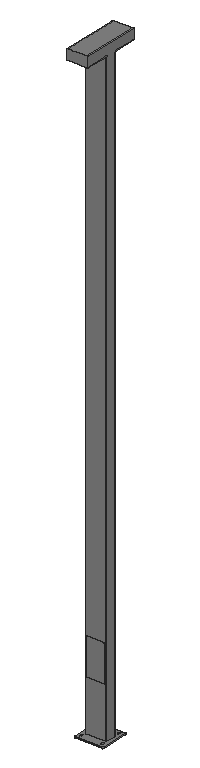
Revit family "Супремус В", category Осветительные приборы, Revit 2019 (continued)
Types (7, lengths in mm): name | Файл фотометрической сетки | built-in parameter 1150105 | Lumens | built-in parameter 1150106 | built-in parameter 1150142 | Wattage | L_общая рассеиватели | ADSK_Фактическая мощность | ADSK_Размер_Высота | ADSK_Номинальная мощность | ADSK_Наименование | ADSK_Масса_Текст | ADSK_Масса | ADSK_Артикул | 2
    1.6 117.0 113.6 110.0 106.0 101.4 96.8 92.0 86.9 81.8 77.0 72.2 67.6 63.3 59.3 55.5 51.9 48.6 45.5 43.0 41.0 39.3 37.7\r\n 36.2 34.8 33.4 32.1 30.8 29.5 28.3 27.2 26.1 24.9 23.6 22.5 21.3 20.1 19.0 18.0 16.9 15.9 15.0 14.0 12.8 11.7 10.9 10.2 9.6 9.0\r\n 8.4 7.8 7.2 6.6 6.2 6.0 5.8 5.3 4.7 4.2 3.7 3.2 2.9 2.7 2.5 2.3 2.1 1.9 1.8 1.7 1.5 1.3 1.2 1.0 1.0 0.0 0.0 0.0 0.0 0.0 0.0 0.0\r\n 0.0 0.0 0.0 0.0 0.0 0.0 0.0 0.0 0.0 0.0 0.0 0.0 0.0 0.0 0.0 0.0 0.0 0.0 0.0 0.0 0.0 0.0 0.0 0.0 0.0 0.0 0.0 0.0 0.0 0.0 0.0 0.0\r\n 0.0 0.0 0.0 0.0 0.0 0.0 0.0 0.0 0.0 0.0 0.0 0.0 0.0 0.0 0.0 0.0 0.0 0.0 0.0 0.0 0.0 0.0 0.0 0.0 0.0 0.0 0.0 0.0 0.0 0.0 0.0 0.0\r\n 0.0 0.0 0.0 0.0 0.0 0.0 0.0 0.0 0.0 0.0 0.0 0.0 0.0 0.0 0.0 0.0 0.0 0.0 0.0 0.0 0.0 0.0 0.0 0.0 0.0 0.0 0.0 0.0 0.0 0.0 0.0 0.0\r\n 0.0 0.0 0.0 0.0 0.0 0.0 0.0 0.0 0.0 0.0 0.0 0.0 0.0 0.0 0.0 0.0 0.0 0.0 0.0 0.0 0.0 0.0 0.0 0.0 0.0 0.0 0.0 0.0 0.0 0.0 0.0 0.0\r\n 0.0 0.0 0.0 0.0 0.0 0.0 0.0 0.0 0.0 0.0 0.0 0.0 0.0 0.0 0.0 0.0 0.0 0.0 0.0 0.0 0.0 0.0 0.0 0.0 0.0\r\n275.6 277.4 279.5 281.4 283.3 285.3 287.6 289.9 292.3 294.7 297.0 299.3 301.4 303.4 305.3 307.0 308.7 310.4 311.9 313.4 314.6\r\n 316.1 317.5 318.7 320.3 321.7 323.3 324.5 325.8 326.8 328.0 328.8 329.9 330.8 331.6 332.5 333.2 333.9 334.5 335.1 335.7 336.6\r\n 337.3 337.8 338.6 339.6 340.5 341.6 342.9 344.1 345.7 347.1 348.4 349.7 350.9 352.2 353.3 354.7 355.7 356.9 358.1 359.5 360.9\r\n 362.4 363.5 364.9 366.1 367.4 368.8 369.7 370.4 371.1 372.1 373.0 374.4 375.3 375.2 375.3 375.4 374.5 373.0 371.0 369.5 368.2\r\n 366.9 365.5 363.6 361.8 360.1 358.5 357.1 355.2 353.4 351.1 349.3 347.1 345.0 342.9 340.8 338.6 336.1 333.2 330.1 326.7 323.2\r\n 318.9 314.3 309.6 304.4 298.8 293.2 287.5 281.8 276.2 271.0 265.7 261.0 256.7 251.9 247.4 242.6 237.2 232.0 226.6 220.7 214.4\r\n 208.2 201.6 195.0 187.8 180.7 173.7 166.6 159.8 152.9 145.8 138.0 129.5 120.7 111.2 101.8 92.6 83.6 75.3 68.1 61.9 55.7 51.0 46.8\r\n 43.5 40.5 37.8 35.7 33.8 32.1 30.5 29.0 27.6 26.2 24.9 23.6 22.4 21.2 20.1 19.1 18.2 17.3 16.5 15.9 15.2 14.2 13.3 12.5 11.8 11.0\r\n 10.1 9.3 8.4 7.7 7.0 6.5 6.2 5.9 5.4 4.7 4.3 3.8 3.3 2.8 2.5 2.3 2.0 1.8 1.7 1.5 1.4 1.3 1.1 0.9 0.9 0.8 0.0 0.0 0.0 0.0 0.0 0.0\r\n 0.0 0.0 0.0 0.0 0.0 0.0 0.0 0.0 0.0 0.0 0.0 0.0 0.0 0.0 0.0 0.0 0.0 0.0 0.0 0.0 0.0 0.0 0.0 0.0 0.0 0.0 0.0 0.0 0.0 0.0 0.0 0.0\r\n 0.0 0.0 0.0 0.0 0.0 0.0 0.0 0.0 0.0 0.0 0.0 0.0 0.0 0.0 0.0 0.0 0.0 0.0 0.0 0.0 0.0 0.0 0.0 0.0 0.0 0.0 0.0 0.0 0.0 0.0 0.0 0.0\r\n 0.0 0.0 0.0 0.0 0.0 0.0 0.0 0.0 0.0 0.0 0.0 0.0 0.0 0.0 0.0 0.0 0.0 0.0 0.0 0.0 0.0 0.0 0.0 0.0 0.0 0.0 0.0 0.0 0.0 0.0 0.0 0.0\r\n 0.0 0.0 0.0 0.0 0.0 0.0 0.0 0.0 0.0 0.0 0.0 0.0 0.0 0.0 0.0 0.0 0.0 0.0 0.0 0.0 0.0 0.0 0.0 0.0 0.0 0.0 0.0 0.0 0.0 0.0 0.0 0.0\r\n 0.0 0.0 0.0 0.0 0.0 0.0 0.0 0.0 0.0 0.0 0.0 0.0 0.0 0.0 0.0 0.0 0.0 0.0 0.0 0.0 0.0 0.0 0.0 0.0 0.0 0.0\r\n275.6 277.4 279.0 280.8 282.6 284.4 286.4 288.3 290.5 292.5 294.6 296.7 298.6 300.6 302.3 303.9 305.5 307.0 308.3 309.7 311.1\r\n 312.4 313.5 314.5 315.6 316.8 318.1 319.4 320.8 321.9 323.2 324.2 325.3 326.3 327.1 327.8 328.4 329.2 330.2 330.9 331.8 332.5\r\n 333.0 333.7 334.3 335.3 336.0 336.9 337.8 339.0 340.2 341.6 343.0 344.5 346.0 347.8 349.5 351.3 353.2 355.0 356.8 358.6 360.5\r\n 362.8 365.0 367.0 369.7 372.1 374.4 376.7 379.0 380.6 382.2 383.8 385.2 387.1 388.5 389.2 390.5 391.4 391.3 390.9 389.9 389.9\r\n 389.9 389.8 389.8 389.8 389.8 390.2 390.2 391.2 392.0 392.7 393.0 392.8 392.5 392.4 392.1 391.7 391.3 391.1 390.2 389.3 387.9\r\n 386.2 384.4 382.2 379.1 375.7 372.2 368.6 364.6 360.5 356.3 352.3 348.5 344.7 340.8 336.9 333.0 328.6 324.0 319.0 313.7 307.3\r\n 300.7 293.7 285.8 277.7 269.5 261.0 251.8 242.1 231.0 219.4 207.8 195.8 183.3 170.4 157.8 145.2 133.3 121.5 109.6 98.5 87.6 77.8\r\n 68.4 60.2 53.3 47.3 42.4 38.8 35.8 33.2 30.7 28.7 27.1 25.8 24.6 23.6 22.9 22.0 21.4 20.9 20.3 19.5 18.6 17.9 16.9 15.7 14.5 13.3\r\n 12.1 11.0 9.8 8.8 7.9 7.1 6.5 5.9 5.4 5.2 4.6 4.2 3.6 3.2 2.7 2.3 1.9 1.7 1.5 1.4 1.3 1.1 1.0 0.9 0.8 0.7 0.6 0.0 0.0 0.0 0.0 0.0\r\n 0.0 0.0 0.0 0.0 0.0 0.0 0.0 0.0 0.0 0.0 0.0 0.0 0.0 0.0 0.0 0.0 0.0 0.0 0.0 0.0 0.0 0.0 0.0 0.0 0.0 0.0 0.0 0.0 0.0 0.0 0.0 0.0\r\n 0.0 0.0 0.0 0.0 0.0 0.0 0.0 0.0 0.0 0.0 0.0 0.0 0.0 0.0 0.0 0.0 0.0 0.0 0.0 0.0 0.0 0.0 0.0 0.0 0.0 0.0 0.0 0.0 0.0 0.0 0.0 0.0\r\n 0.0 0.0 0.0 0.0 0.0 0.0 0.0 0.0 0.0 0.0 0.0 0.0 0.0 0.0 0.0 0.0 0.0 0.0 0.0 0.0 0.0 0.0 0.0 0.0 0.0 0.0 0.0 0.0 0.0 0.0 0.0 0.0\r\n 0.0 0.0 0.0 0.0 0.0 0.0 0.0 0.0 0.0 0.0 0.0 0.0 0.0 0.0 0.0 0.0 0.0 0.0 0.0 0.0 0.0 0.0 0.0 0.0 0.0 0.0 0.0 0.0 0.0 0.0 0.0 0.0\r\n 0.0 0.0 0.0 0.0 0.0 0.0 0.0 0.0 0.0 0.0 0.0 0.0 0.0 0.0 0.0 0.0 0.0 0.0 0.0 0.0 0.0 0.0 0.0 0.0 0.0 0.0 0.0\r\n275.6 277.2 278.7 280.3 281.9 283.4 285.0 287.0 288.7 290.5 292.1 294.0 295.6 297.3 299.0 300.5 301.9 303.2 304.5 305.8 306.9\r\n 308.1 309.0 310.0 311.2 312.1 313.2 314.2 315.4 316.3 317.6 318.6 319.8 320.9 321.8 322.7 323.5 324.4 325.2 325.9 326.8 327.9\r\n 328.8 329.9 330.8 331.5 332.5 333.1 333.8 334.8 335.7 336.9 338.2 339.5 341.0 342.6 344.4 346.1 348.0 350.3 352.4 354.7 357.2\r\n 359.7 362.4 365.0 367.8 370.6 373.6 376.6 379.5 382.0 384.5 386.7 388.8 390.8 393.0 395.0 396.3 398.6 400.6 401.8 402.7 403.8\r\n 404.7 406.3 408.0 409.7 411.5 413.0 414.8 417.1 419.2 421.0 423.0 425.1 427.3 429.1 431.5 433.3 435.0 436.5 437.9 439.2 440.3\r\n 441.0 440.5 439.3 437.6 435.9 433.6 431.5 429.3 426.6 423.7 419.9 415.6 410.8 405.5 399.9 394.4 388.7 382.5 376.1 369.6 363.0\r\n 356.5 349.8 342.5 334.5 326.3 316.7 305.9 294.3 282.0 268.7 254.2 238.5 222.1 205.4 188.2 171.6 156.4 142.2 129.9 118.4 108.2\r\n 97.9 88.4 79.7 71.7 64.7 57.8 50.8 45.8 41.7 38.0 34.8 32.4 30.2 28.4 27.0 25.7 24.7 23.8 22.8 21.7 20.4 19.2 18.2 17.1 15.8 14.3\r\n 12.6 11.3 10.3 9.2 8.2 7.2 6.5 5.8 5.2 4.8 4.5 4.2 3.7 3.1 2.7 2.2 1.8 1.5 1.4 1.3 1.2 1.0 0.9 0.8 0.7 0.6 0.6 0.5 0.0 0.0 0.0\r\n 0.0 0.0 0.0 0.0 0.0 0.0 0.0 0.0 0.0 0.0 0.0 0.0 0.0 0.0 0.0 0.0 0.0 0.0 0.0 0.0 0.0 0.0 0.0 0.0 0.0 0.0 0.0 0.0 0.0 0.0 0.0 0.0\r\n 0.0 0.0 0.0 0.0 0.0 0.0 0.0 0.0 0.0 0.0 0.0 0.0 0.0 0.0 0.0 0.0 0.0 0.0 0.0 0.0 0.0 0.0 0.0 0.0 0.0 0.0 0.0 0.0 0.0 0.0 0.0 0.0\r\n 0.0 0.0 0.0 0.0 0.0 0.0 0.0 0.0 0.0 0.0 0.0 0.0 0.0 0.0 0.0 0.0 0.0 0.0 0.0 0.0 0.0 0.0 0.0 0.0 0.0 0.0 0.0 0.0 0.0 0.0 0.0 0.0\r\n 0.0 0.0 0.0 0.0 0.0 0.0 0.0 0.0 0.0 0.0 0.0 0.0 0.0 0.0 0.0 0.0 0.0 0.0 0.0 0.0 0.0 0.0 0.0 0.0 0.0 0.0 0.0 0.0 0.0 0.0 0.0 0.0\r\n 0.0 0.0 0.0 0.0 0.0 0.0 0.0 0.0 0.0 0.0 0.0 0.0 0.0 0.0 0.0 0.0 0.0 0.0 0.0 0.0 0.0 0.0 0.0 0.0 0.0 0.0 0.0 0.0 0.0\r\n275.6 276.9 278.3 279.7 281.1 282.4 283.8 285.1 286.7 288.2 289.5 290.9 292.4 293.9 295.3 296.7 297.9 299.2 300.0 301.2 302.3\r\n 303.3 304.4 305.5 306.3 307.3 308.4 309.1 310.0 310.7 311.6 312.7 313.7 314.7 315.8 316.8 317.8 318.9 319.9 320.9 321.8 323.1\r\n 324.1 325.3 326.1 327.1 328.1 329.0 330.3 331.4 332.6 333.6 334.8 335.9 337.3 338.6 340.0 341.4 343.0 344.8 346.8 348.6 350.8\r\n 353.2 355.4 358.0 360.6 363.5 366.5 369.9 373.2 376.6 379.9 382.9 385.7 388.4 391.0 393.7 396.3 398.9 401.6 404.0 406.2 408.6\r\n 410.8 412.7 415.5 418.2 420.9 423.8 426.8 430.4 433.8 436.6 439.8 442.8 446.0 449.4 453.0 456.8 460.6 463.8 467.4 470.3 473.3\r\n 475.4 476.4 476.1 475.0 473.4 471.0 468.0 464.4 460.2 455.0 449.3 444.2 440.2 435.9 431.9 427.8 422.5 417.1 411.2 404.8 397.6\r\n 389.4 380.5 371.0 361.4 350.9 339.9 328.0 315.6 301.7 287.4 272.9 257.5 241.8 225.9 210.2 194.3 179.0 164.6 151.6 140.3 131.3\r\n 122.2 113.1 105.9 98.4 90.6 82.7 75.1 67.9 61.0 54.5 48.8 43.8 39.8 35.8 32.4 29.3 26.5 24.4 22.5 20.8 19.2 17.8 16.7 15.7 14.3\r\n 12.9 11.3 10.0 9.1 8.1 7.2 6.5 5.8 5.1 4.5 4.1 3.8 3.4 3.0 2.6 2.2 1.8 1.5 1.3 1.2 1.1 1.0 0.8 0.8 0.7 0.6 0.5 0.5 0.5 0.0 0.0\r\n 0.0 0.0 0.0 0.0 0.0 0.0 0.0 0.0 0.0 0.0 0.0 0.0 0.0 0.0 0.0 0.0 0.0 0.0 0.0 0.0 0.0 0.0 0.0 0.0 0.0 0.0 0.0 0.0 0.0 0.0 0.0 0.0\r\n 0.0 0.0 0.0 0.0 0.0 0.0 0.0 0.0 0.0 0.0 0.0 0.0 0.0 0.0 0.0 0.0 0.0 0.0 0.0 0.0 0.0 0.0 0.0 0.0 0.0 0.0 0.0 0.0 0.0 0.0 0.0 0.0\r\n 0.0 0.0 0.0 0.0 0.0 0.0 0.0 0.0 0.0 0.0 0.0 0.0 0.0 0.0 0.0 0.0 0.0 0.0 0.0 0.0 0.0 0.0 0.0 0.0 0.0 0.0 0.0 0.0 0.0 0.0 0.0 0.0\r\n 0.0 0.0 0.0 0.0 0.0 0.0 0.0 0.0 0.0 0.0 0.0 0.0 0.0 0.0 0.0 0.0 0.0 0.0 0.0 0.0 0.0 0.0 0.0 0.0 0.0 0.0 0.0 0.0 0.0 0.0 0.0 0.0\r\n 0.0 0.0 0.0 0.0 0.0 0.0 0.0 0.0 0.0 0.0 0.0 0.0 0.0 0.0 0.0 0.0 0.0 0.0 0.0 0.0 0.0 0.0 0.0 0.0 0.0 0.0 0.0 0.0 0.0 0.0\r\n275.6 276.8 277.9 279.2 280.4 281.4 282.4 283.6 284.8 286.0 287.0 288.2 289.3 290.5 291.6 292.6 293.7 294.7 295.7 296.6 297.5\r\n 298.4 299.3 300.1 301.0 301.9 302.8 303.5 304.2 305.1 306.0 307.0 308.0 308.8 309.6 310.7 311.5 312.5 313.6 314.7 315.9 317.0\r\n 318.4 319.6 320.9 322.1 323.4 324.8 326.1 327.5 328.9 330.4 331.7 332.9 334.2 335.7 337.0 338.4 339.9 341.3 342.9 344.7 346.5\r\n 348.3 350.2 352.3 354.3 356.5 359.3 362.0 365.0 368.2 371.6 375.1 378.4 381.7 384.7 387.5 390.8 393.9 397.0 399.9 402.8 405.5\r\n 408.2 411.2 414.7 418.5 422.0 425.4 429.6 434.1 438.1 441.8 445.5 449.0 452.7 456.0 459.5 463.1 466.3 469.9 473.0 476.0 479.3\r\n 481.3 482.5 482.3 480.8 479.3 477.9 475.6 472.9 469.4 465.6 461.4 457.4 452.8 447.6 442.7 438.0 433.0 427.9 421.8 414.9 407.1\r\n 399.3 391.2 381.6 371.5 360.2 348.1 334.5 320.6 306.5 292.0 277.6 263.7 249.5 236.1 222.9 210.4 199.3 190.1 182.3 175.5 169.4\r\n 163.4 156.3 148.6 140.2 130.6 120.7 110.5 100.5 90.6 80.2 70.3 62.1 54.0 45.8 40.0 35.3 31.5 28.3 25.5 22.9 20.6 18.3 16.1 14.0\r\n 12.1 10.6 9.4 8.3 7.3 6.4 5.6 4.9 4.4 4.0 3.6 3.3 3.0 2.7 2.3 2.0 1.7 1.4 1.3 1.1 1.0 0.9 0.8 0.7 0.6 0.6 0.5 0.5 0.5 0.5 0.0 0.0\r\n 0.0 0.0 0.0 0.0 0.0 0.0 0.0 0.0 0.0 0.0 0.0 0.0 0.0 0.0 0.0 0.0 0.0 0.0 0.0 0.0 0.0 0.0 0.0 0.0 0.0 0.0 0.0 0.0 0.0 0.0 0.0 0.0\r\n 0.0 0.0 0.0 0.0 0.0 0.0 0.0 0.0 0.0 0.0 0.0 0.0 0.0 0.0 0.0 0.0 0.0 0.0 0.0 0.0 0.0 0.0 0.0 0.0 0.0 0.0 0.0 0.0 0.0 0.0 0.0 0.0\r\n 0.0 0.0 0.0 0.0 0.0 0.0 0.0 0.0 0.0 0.0 0.0 0.0 0.0 0.0 0.0 0.0 0.0 0.0 0.0 0.0 0.0 0.0 0.0 0.0 0.0 0.0 0.0 0.0 0.0 0.0 0.0 0.0\r\n 0.0 0.0 0.0 0.0 0.0 0.0 0.0 0.0 0.0 0.0 0.0 0.0 0.0 0.0 0.0 0.0 0.0 0.0 0.0 0.0 0.0 0.0 0.0 0.0 0.0 0.0 0.0 0.0 0.0 0.0 0.0 0.0\r\n 0.0 0.0 0.0 0.0 0.0 0.0 0.0 0.0 0.0 0.0 0.0 0.0 0.0 0.0 0.0 0.0 0.0 0.0 0.0 0.0 0.0 0.0 0.0 0.0 0.0 0.0 0.0 0.0 0.0 0.0\r\n275.6 276.7 277.6 278.7 279.4 280.4 281.3 282.1 282.8 283.7 284.6 285.2 286.1 287.0 287.7 288.5 289.3 290.0 290.7 291.6 292.2\r\n 293.1 293.9 294.5 295.3 295.9 296.5 297.2 298.1 298.8 299.6 300.5 301.4 302.3 303.5 304.3 305.5 306.4 307.3 308.5 309.4 310.7\r\n 311.7 313.1 314.4 315.8 317.0 318.6 320.1 321.7 323.4 325.2 326.6 328.4 329.8 331.2 332.8 334.1 335.7 337.0 338.7 340.5 342.5\r\n 344.1 346.1 348.3 350.4 352.8 355.1 357.6 360.4 363.5 366.6 369.8 373.1 376.4 379.7 382.7 385.9 388.6 391.5 394.2 396.9 399.8\r\n 403.0 406.8 410.5 414.2 417.3 420.9 425.1 429.1 432.5 435.7 438.7 441.6 444.3 447.3 450.2 453.3 456.1 458.9 461.6 464.3 466.2\r\n 468.1 469.9 470.9 471.8 472.5 473.5 473.6 471.9 468.6 465.7 462.6 458.8 454.9 450.1 445.4 440.5 435.5 430.0 424.7 418.8 412.1\r\n 405.0 396.3 386.4 376.1 365.1 353.7 342.1 329.5 317.0 304.3 291.7 279.7 268.8 259.9 252.0 244.3 236.7 229.6 222.7 216.8 211.3\r\n 205.1 197.0 186.5 176.0 164.4 150.6 136.9 123.1 109.5 98.3 87.9 77.6 66.8 56.8 47.9 40.7 35.2 30.9 27.3 24.3 21.7 19.3 17.1 15.2\r\n 13.4 11.7 10.3 9.0 7.9 6.7 5.6 4.8 4.2 3.7 3.4 3.0 2.7 2.4 2.0 1.7 1.4 1.2 1.0 0.9 0.8 0.7 0.6 0.5 0.5 0.5 0.5 0.4 0.3 0.2 0.1\r\n 0.0 0.0 0.0 0.0 0.0 0.0 0.0 0.0 0.0 0.0 0.0 0.0 0.0 0.0 0.0 0.0 0.0 0.0 0.0 0.0 0.0 0.0 0.0 0.0 0.0 0.0 0.0 0.0 0.0 0.0 0.0 0.0\r\n 0.0 0.0 0.0 0.0 0.0 0.0 0.0 0.0 0.0 0.0 0.0 0.0 0.0 0.0 0.0 0.0 0.0 0.0 0.0 0.0 0.0 0.0 0.0 0.0 0.0 0.0 0.0 0.0 0.0 0.0 0.0 0.0\r\n 0.0 0.0 0.0 0.0 0.0 0.0 0.0 0.0 0.0 0.0 0.0 0.0 0.0 0.0 0.0 0.0 0.0 0.0 0.0 0.0 0.0 0.0 0.0 0.0 0.0 0.0 0.0 0.0 0.0 0.0 0.0 0.0\r\n 0.0 0.0 0.0 0.0 0.0 0.0 0.0 0.0 0.0 0.0 0.0 0.0 0.0 0.0 0.0 0.0 0.0 0.0 0.0 0.0 0.0 0.0 0.0 0.0 0.0 0.0 0.0 0.0 0.0 0.0 0.0 0.0\r\n 0.0 0.0 0.0 0.0 0.0 0.0 0.0 0.0 0.0 0.0 0.0 0.0 0.0 0.0 0.0 0.0 0.0 0.0 0.0 0.0 0.0 0.0 0.0 0.0 0.0 0.0 0.0 0.0 0.0 0.0 0.0\r\n275.6 276.4 277.2 278.0 278.6 279.4 279.9 280.5 281.1 281.5 281.9 282.5 283.0 283.6 284.1 284.5 285.0 285.3 285.8 286.2 286.7\r\n 287.3 287.9 288.4 289.0 289.6 290.0 290.7 291.3 292.0 292.9 293.5 294.2 295.0 296.1 297.0 298.1 299.1 300.1 301.2 302.4 303.6\r\n 304.9 306.3 307.5 309.0 310.5 312.0 313.6 315.2 316.8 318.4 320.0 321.6 323.1 324.8 326.2 327.8 329.3 331.0 332.7 334.2 336.0\r\n 338.2 339.9 342.0 344.1 346.3 348.7 351.1 353.7 356.2 359.2 362.2 365.2 368.4 371.6 374.6 377.5 380.3 382.9 385.9 388.5 391.4\r\n 394.5 397.8 401.6 404.7 407.8 411.4 415.3 418.4 420.9 423.2 425.3 427.8 430.5 433.0 435.8 438.8 441.5 444.4 447.5 449.3 451.0\r\n 452.8 454.1 455.5 455.9 456.3 457.0 457.6 457.7 457.0 455.5 453.4 451.2 448.9 445.9 442.7 438.5 434.1 429.1 424.0 418.0 411.1\r\n 403.6 394.6 385.0 375.1 364.5 353.6 342.4 330.7 320.1 310.4 302.2 295.4 289.6 283.9 278.8 273.1 267.1 260.7 254.5 247.8 240.3\r\n 231.6 221.4 209.2 194.9 178.6 161.7 145.4 130.0 116.3 103.1 89.8 76.2 64.8 53.4 42.0 35.5 30.8 27.1 24.0 21.3 19.1 17.2 15.4 13.8\r\n 12.4 11.2 9.7 8.2 7.1 6.2 5.2 4.5 3.9 3.5 3.0 2.7 2.4 2.0 1.7 1.5 1.3 1.0 0.8 0.7 0.6 0.6 0.6 0.6 0.5 0.5 0.6 0.6 0.6 0.6 0.0 0.0\r\n 0.0 0.0 0.0 0.0 0.0 0.0 0.0 0.0 0.0 0.0 0.0 0.0 0.0 0.0 0.0 0.0 0.0 0.0 0.0 0.0 0.0 0.0 0.0 0.0 0.0 0.0 0.0 0.0 0.0 0.0 0.0 0.0\r\n 0.0 0.0 0.0 0.0 0.0 0.0 0.0 0.0 0.0 0.0 0.0 0.0 0.0 0.0 0.0 0.0 0.0 0.0 0.0 0.0 0.0 0.0 0.0 0.0 0.0 0.0 0.0 0.0 0.0 0.0 0.0 0.0\r\n 0.0 0.0 0.0 0.0 0.0 0.0 0.0 0.0 0.0 0.0 0.0 0.0 0.0 0.0 0.0 0.0 0.0 0.0 0.0 0.0 0.0 0.0 0.0 0.0 0.0 0.0 0.0 0.0 0.0 0.0 0.0 0.0\r\n 0.0 0.0 0.0 0.0 0.0 0.0 0.0 0.0 0.0 0.0 0.0 0.0 0.0 0.0 0.0 0.0 0.0 0.0 0.0 0.0 0.0 0.0 0.0 0.0 0.0 0.0 0.0 0.0 0.0 0.0 0.0 0.0\r\n 0.0 0.0 0.0 0.0 0.0 0.0 0.0 0.0 0.0 0.0 0.0 0.0 0.0 0.0 0.0 0.0 0.0 0.0 0.0 0.0 0.0 0.0 0.0 0.0 0.0 0.0 0.0 0.0 0.0 0.0\r\n275.6 276.3 276.8 277.2 277.8 278.3 278.7 279.1 279.3 279.5 279.8 280.0 280.0 280.4 280.5 280.9 280.9 281.0 281.3 281.3 281.5\r\n 281.7 282.0 282.2 282.5 282.7 283.2 283.6 284.1 284.6 285.2 285.9 286.4 287.1 288.1 288.9 289.8 290.9 291.7 292.6 293.7 294.8\r\n 296.2 297.3 298.6 300.0 301.5 303.1 304.6 306.1 307.7 309.2 310.8 312.2 313.8 315.4 317.0 318.7 320.5 322.1 323.8 325.7 327.3\r\n 329.1 331.1 332.9 334.8 336.9 339.2 341.6 343.9 346.3 348.6 351.1 353.6 356.0 358.3 360.9 363.4 365.7 368.1 370.4 372.9 375.7\r\n 378.5 381.9 385.2 387.0 389.6 392.9 396.0 398.7 401.0 403.1 405.3 407.7 410.7 413.1 416.0 418.8 421.3 423.6 425.8 427.3 428.4\r\n 429.5 430.5 431.3 432.1 433.3 434.9 435.9 436.6 437.2 437.9 438.2 438.7 438.3 437.8 435.9 433.2 430.0 426.7 422.2 416.7 409.9\r\n 403.1 395.6 386.8 377.7 368.4 358.6 349.1 340.8 333.0 326.4 320.8 316.2 311.9 307.1 301.7 296.1 289.8 283.8 277.1 268.7 259.1\r\n 248.0 234.3 217.7 200.0 181.5 162.0 144.1 128.4 112.9 97.3 81.0 64.4 51.1 41.9 34.8 29.5 25.4 22.3 19.8 17.8 16.0 14.4 13.0 11.8\r\n 10.6 9.5 8.4 7.5 6.5 5.5 4.8 4.1 3.6 3.2 2.8 2.5 2.3 2.0 1.6 1.4 1.3 1.0 0.7 0.6 0.6 0.6 0.6 0.6 0.6 0.6 0.6 0.6 0.7 0.7 0.0 0.0\r\n 0.0 0.0 0.0 0.0 0.0 0.0 0.0 0.0 0.0 0.0 0.0 0.0 0.0 0.0 0.0 0.0 0.0 0.0 0.0 0.0 0.0 0.0 0.0 0.0 0.0 0.0 0.0 0.0 0.0 0.0 0.0 0.0\r\n 0.0 0.0 0.0 0.0 0.0 0.0 0.0 0.0 0.0 0.0 0.0 0.0 0.0 0.0 0.0 0.0 0.0 0.0 0.0 0.0 0.0 0.0 0.0 0.0 0.0 0.0 0.0 0.0 0.0 0.0 0.0 0.0\r\n 0.0 0.0 0.0 0.0 0.0 0.0 0.0 0.0 0.0 0.0 0.0 0.0 0.0 0.0 0.0 0.0 0.0 0.0 0.0 0.0 0.0 0.0 0.0 0.0 0.0 0.0 0.0 0.0 0.0 0.0 0.0 0.0\r\n 0.0 0.0 0.0 0.0 0.0 0.0 0.0 0.0 0.0 0.0 0.0 0.0 0.0 0.0 0.0 0.0 0.0 0.0 0.0 0.0 0.0 0.0 0.0 0.0 0.0 0.0 0.0 0.0 0.0 0.0 0.0 0.0\r\n 0.0 0.0 0.0 0.0 0.0 0.0 0.0 0.0 0.0 0.0 0.0 0.0 0.0 0.0 0.0 0.0 0.0 0.0 0.0 0.0 0.0 0.0 0.0 0.0 0.0 0.0 0.0 0.0 0.0 0.0\r\n275.6 276.0 276.4 276.6 276.9 277.2 277.3 277.4 277.5 277.4 277.4 277.3 277.3 277.2 277.1 277.1 276.9 276.9 276.8 276.7 276.7\r\n 276.6 276.5 276.6 276.6 276.6 276.8 276.9 277.2 277.4 277.8 278.1 278.8 279.3 279.8 280.4 281.2 282.0 283.0 284.0 284.8 285.8\r\n 286.6 287.7 289.0 290.1 291.4 292.9 293.9 295.1 296.4 297.6 298.9 300.3 301.6 303.1 304.6 306.0 307.5 309.3 310.9 312.5 314.2\r\n 316.0 317.7 319.5 321.3 323.4 325.4 327.5 329.3 331.5 333.6 335.9 338.1 340.4 342.6 344.8 347.2 349.5 351.6 354.0 356.9 359.7\r\n 362.4 365.6 367.8 369.4 372.0 374.4 376.6 378.5 380.1 381.7 383.1 385.2 387.4 389.4 391.3 393.3 395.2 396.7 398.3 39
